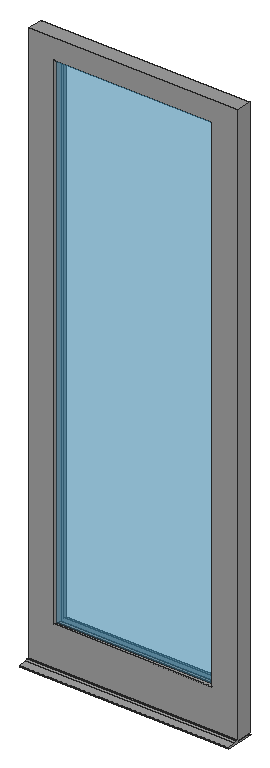
Revit family "AD-375 DOOR-1.56-SF_v04", category Curtain Panels, Revit 2015
Parameters
  Width [instance] = 3' - 2"
  URL = "obe.com"
  Rough Width [instance] = 3' - 0"
  Offset [instance] = 0' - 0"
  Model = "AD-375 DOOR"
  Min-Max Rough Width [instance] = if(and((Rough Width > 2' 11 255/256"), (Rough Width < 3' 6 1/256")), Rough Width, 3' 0")  # 3' - 0"
  Manufacturer = "Oldcastle BuildingEnvelope®"
  Keynote = "08 11 00"
  Hinge [instance] = yes
  Height [instance] = 8' - 0"
  Glass Material = Glass
  Frame Material = Aluminum
  Door Panel Height [instance] = Height + 0' 0 23/32"  # 8' - 0 23/32"
  Description = "AD-375 - 1-9/16\" Door Infill"
  Assembly Code = "B2030"
  Analytic Construction = "<None>"
  6 Bottom Rail [instance] = yes
  10 Bottom Rail [instance] = not([6 Bottom Rail])  # no
Reference planes (in)
  plane 1 "Front": y = 0
  plane 2: z = 0
  plane 3 "Center (Left/Right)": x = 0
  plane 4 "Left": x = -19
  plane 5 "Right": x = 19
  plane 6 "Top": z = 96
  plane 7: x = -18
  plane 8: x = 18
Text (in)
  text "Exterior" at (-54.29358, 31.38743, 0), in view "Ref. Level"
  text "Exterior" at (480, 41.53993, 89.60405), in view "Right"
  text "Exterior" at (-240, 57.82419, 105.78864), in view "Left"
Dimensions and locks (in)
  equal spacing: plane 4 "Left", plane 3 "Center (Left/Right)", plane 5 "Right"
  "Width": plane 4 "Left" to plane 5 "Right"
  "Height": plane 6 "Top" to plane 2
  equal spacing: plane 7, plane 3 "Center (Left/Right)", plane 8
  "Min-Max Rough Width": plane 7 to plane 8
  aligned and locked: level to plane 2
  aligned and locked: plane 3 "Center (Left/Right)" to nested 1
  aligned and locked: plane 1 "Front" to nested 1
Nested families (in)
  nested 1: "AD-375 DOOR-1.56-Panel_v03" at (0, -16, 0), Frame Material <- "Frame Material", Glass Material <- "Glass Material", Hinge <- "Hinge", Height <- "Door Panel Height", Width <- "Min-Max Rough Width", 6 Bottom Rail <- "6 Bottom Rail", Offset <- "Offset", type "AD-375 DOOR-1.56-Panel"
    with built-in parameter 1001301 3' - 0", Offset 0' - 0", Hinge yes, built-in parameter 1001300 8' - 0 23/32", Glass Material Glass, Frame Material Aluminum, Bottom Rail 0' - 6 19/32", 6 Bottom Rail yes, 10 Bottom Rail no
Definition of nested family "AD-375 DOOR-1.56-Panel_v03"
  Parameters (values of type "AD-375 DOOR-1.56-Panel")
    Width [instance] = 3' - 6"
    Offset [instance] = 0' - 1"
    Hinge [instance] = yes
    Height [instance] = 8' - 0"
    Glass Material [instance] = none
    Frame Material [instance] = none
    Bottom Rail [instance] = if([10 Bottom Rail], 0' 10 19/32", 0' 6 19/32")  # 0' - 6 19/32"
    6 Bottom Rail [instance] = yes
    10 Bottom Rail [instance] = not([6 Bottom Rail])  # no
  Reference planes (in)
    plane 1 "00": y = 13.5563
    plane 2: z = 0
    plane 3 "Center (Left/Right)": x = 0
    plane 4: z = 96
    plane 5: x = -21
    plane 6: x = 21
    plane 7 "Center (Front/Back)": y = 16
    plane 8 "Exterior": y = 14.33782
    plane 9: z = 48
    plane 10: z = 92.46875
    plane 11: z = 6.59375
    plane 12: x = -16.84147
    plane 13: x = 16.84147
    plane 14: y = 15
  Forms (in)
    Sweep 1, solid, material <- "Frame Material"
      path origin (0, 13.5563, 0) x (1, 0, 0) y (0, 0, 1)
        loop
          line (-20.69697, 96) -> (20.69697, 96)
      profile origin (0, 13.5563, 96) x (0, 0, 1) y (0, -1, 0)
        loop
          line (-0.71875, -1.31872) -> (-0.71875, 1.3187) -> (-3.96875, 1.3187) -> (-3.96875, 0.78148) -> (-3.53125, 0.78148) -> (-3.53125, -0.78152) -> (-3.96875, -0.78152) -> (-3.96875, -1.31872) -> (-0.71875, -1.31872)
    Sweep 2, solid, material <- "Frame Material"
      path origin (0, 13.5563, 0) x (1, 0, 0) y (0, 0, 1)
        loop
          line (20.69697, 0) -> (-20.69697, 0)
      profile origin (0, 13.5563, 0) x (0, 0, -1) y (0, -1, 0)
        loop
          line (-7.125, -0.7815) -> (-7.125, -1.31872) -> (-0.375, -1.31872) -> (-0.375, 1.3187) -> (-0.256, 1.3187) -> (-0.256, -0.69426) -> (-0.1048, -1.44415) -> (0, -1.44415) -> (0, 3.05585) -> (-0.09458, 3.05585) -> (-0.256, 1.86985) -> (-0.506, 1.73385) -> (-0.506, 1.3187) -> (-7.125, 1.3187) -> (-7.125, 0.7815) -> (-6.59375, 0.7815) -> (-6.59375, -0.7815) -> (-7.125, -0.7815)
    Sweep 3, solid, material <- "Frame Material"
      path origin (0, 13.5563, 0) x (1, 0, 0) y (0, 0, 1)
        loop
          line (21, 95.28125) -> (21, 0.375)
      profile origin (21, 13.5563, 47.82812) x (0, -1, 0) y (1, 0, 0)
        loop
          line (1.3187, -4.59603) -> (1.3187, -0.30303) -> (-1.35373, -0.30303) -> (-1.35373, -0.41303) -> (-1.31872, -0.41303) -> (-1.31872, -4.59603) -> (-0.78152, -4.59603) -> (-0.78152, -4.15853) -> (0.78148, -4.15853) -> (0.78148, -4.59603) -> (1.3187, -4.59603)
    Sweep 4, solid, material <- "Frame Material"
      path origin (0, 13.5563, 0) x (1, 0, 0) y (0, 0, 1)
        loop
          line (-21, 95.28125) -> (-21, 0.375)
      profile origin (-21, 13.5563, 47.82812) x (0, -1, 0) y (1, 0, 0)
        loop
          line (-1.31872, 0.41303) -> (-1.35373, 0.41303) -> (-1.35373, 0.30303) -> (1.3187, 0.30303) -> (1.3187, 4.59603) -> (0.78148, 4.59603) -> (0.78148, 4.15853) -> (-0.78152, 4.15853) -> (-0.78152, 4.59603) -> (-1.31872, 4.59603) -> (-1.31872, 0.41303)
    Extrusion 5, solid, material <- "Glass Material", detail levels coarse
      sketch origin (0, 0, 0) x (1, 0, 0) y (0, 1, 0)
        loop
          line (-16.84147, 14.33782) -> (-16.84147, 12.77482) -> (16.84147, 12.77482) -> (16.84147, 14.33782) -> (-16.84147, 14.33782)
      from 6.59375 to 92.46875
    Extrusion 6, solid, material <- "Glass Material", detail levels medium+fine
      sketch origin (0, 0, 0) x (1, 0, 0) y (0, 1, 0)
        loop
          line (-16.84147, 12.77482) -> (16.84147, 12.77482) -> (16.84147, 13.02282) -> (-16.84147, 13.02282) -> (-16.84147, 12.77482)
        loop
          line (16.84147, 14.3378) -> (-16.84147, 14.3378) -> (-16.84147, 14.0898) -> (16.84147, 14.0898) -> (16.84147, 14.3378)
        loop
          line (-16.84147, 13.43033) -> (16.84147, 13.43033) -> (16.84147, 13.67833) -> (-16.84147, 13.67833) -> (-16.84147, 13.43033)
      from 6.59375 to 92.46875
  Cuts and joins
    joined: Sweep 1, Sweep 2, Sweep 3, Sweep 4
  Lines and regions (in)
    model lines
      curve 1: line (16.84147, 14.33782, 92.46875) -> (-16.40397, 14.33782, 48)
      curve 2: line (-16.40397, 14.33782, 48) -> (16.84147, 14.33782, 6.59375)
  Dimensions and locks (in)
    equal spacing: plane 5, plane 3 "Center (Left/Right)", plane 6
    "Offset": plane 14 to plane 7 "Center (Front/Back)"
    plane 1 "00" to plane 8 "Exterior" to plane 14 = 0' - 0.78152" locked, 0' - 0.66218" locked
    equal spacing: level, plane 9, plane 4
    locked: Sweep 3 sketch curve to plane 4 at 0.71875
    locked: Sweep 4 sketch curve to plane 4 at 0.71875
    locked: plane 10 to plane 4 at 3.53125
    "Bottom Rail": plane 11 to plane 2
    "Height": plane 4 to plane 2
    Sweep 1 sketch curve to plane 10 = 0' - 0 7/16"  (x2)
    locked: plane 11 to Sweep 2 sketch curve at 0.53125  (x2)
    "Width": plane 5 to plane 6
    locked: plane 5 to plane 12 at 4.15853
    locked: plane 13 to plane 6 at 4.15853
    locked: plane 6 to Sweep 2 sketch curve at 0.30303
    locked: Sweep 2 sketch curve to plane 5 at 0.30303
    locked: Sweep 1 sketch curve to plane 5 at 0.30303
    locked: plane 6 to Sweep 1 sketch curve at 0.30303
    locked: plane 2 to Sweep 3 sketch curve at 0.375
    locked: plane 2 to Sweep 4 sketch curve at 0.375
    aligned and locked: plane 2 to level
    aligned and locked: Sweep 1 sketch curve to plane 4
    aligned and locked: Sweep 2 sketch curve to level
    aligned and locked: Extrusion 6 to plane 10
    aligned and locked: Extrusion 5 to plane 10
    aligned and locked: plane 9 to curve 1
    aligned and locked: plane 11 to Extrusion 6
    aligned and locked: Sweep 3 sketch curve to plane 6
    aligned and locked: Sweep 4 sketch curve to plane 5
    aligned and locked: Extrusion 5 to plane 12
    aligned and locked: Extrusion 6 to plane 12  (x2)
    aligned and locked: plane 13 to Extrusion 6  (x2)
    aligned and locked: plane 13 to Extrusion 5
    aligned and locked: plane 11 to curve 2
    aligned and locked: cut or joined group of Sweep 1, Sweep 2, Sweep 3, Sweep 4 to curve 1
    aligned and locked: plane 11 to Extrusion 5
    aligned and locked: Extrusion 5 sketch curve to plane 12
  Automatic sketch dimensions
    profile plane to Sweep 3 sketch curve = 0' - 0.41303"
    Sweep 3 sketch curve to plane 1 "00" = 0' - 1.35373"
    Sweep 3 sketch curve to Sweep 3 sketch curve = 0' - 0.03501"
    Sweep 3 sketch curve to Sweep 3 sketch curve = 0' - 0.5372"
    plane 1 "00" to Sweep 3 sketch curve = 0' - 0.78148"
    Sweep 3 sketch curve to Sweep 3 sketch curve = 0' - 0.53722"
    Sweep 3 sketch curve to Sweep 3 sketch curve = 0' - 3.7455"
    Sweep 3 sketch curve to Sweep 3 sketch curve = 0' - 0 7/16"  (x2)
    Sweep 3 sketch curve to Sweep 3 sketch curve = 0' - 0.11"
    Sweep 4 sketch curve to profile plane = 0' - 0.30303"
    Sweep 4 sketch curve to plane 1 "00" = 0' - 1.35373"
    Sweep 4 sketch curve to Sweep 4 sketch curve = 0' - 0.03501"
    Sweep 4 sketch curve to Sweep 4 sketch curve = 0' - 0.5372"
    plane 1 "00" to Sweep 4 sketch curve = 0' - 0.78148"
    Sweep 4 sketch curve to Sweep 4 sketch curve = 0' - 0.53722"
    Sweep 4 sketch curve to profile plane = 0' - 0.41303"
    Sweep 4 sketch curve to profile plane = 0' - 4.15853"
    Sweep 4 sketch curve to Sweep 4 sketch curve = 0' - 0 7/16"  (x2)
    Sweep 1 sketch curve to Sweep 1 sketch curve = 0' - 0 7/16"
    profile plane to Sweep 1 sketch curve = 0' - 0 23/32"
    Sweep 1 sketch curve to plane 1 "00" = 0' - 1.31872"
    Sweep 1 sketch curve to Sweep 1 sketch curve = 0' - 0.5372"
    plane 1 "00" to Sweep 1 sketch curve = 0' - 0.78148"
    Sweep 1 sketch curve to Sweep 1 sketch curve = 0' - 0.53722"
    Sweep 2 sketch curve to profile plane = 0' - 0"
    Sweep 2 sketch curve to Sweep 2 sketch curve = 0' - 0 17/32"
    profile plane to Sweep 2 sketch curve = 0' - 0.256"  (x2)
    profile plane to Sweep 2 sketch curve = 0' - 0.1048"
    profile plane to Sweep 2 sketch curve = 0' - 0.09458"
    Sweep 2 sketch curve to plane 1 "00" = 0' - 1.31872"
    Sweep 2 sketch curve to Sweep 2 sketch curve = 0' - 0.53722"
    plane 1 "00" to Sweep 2 sketch curve = 0' - 0.7815"
    Sweep 2 sketch curve to Sweep 2 sketch curve = 0' - 0.5372"
    Sweep 2 sketch curve to Sweep 2 sketch curve = 0' - 0.41515"
    Sweep 2 sketch curve to Sweep 2 sketch curve = 0' - 0.136"
    Sweep 2 sketch curve to Sweep 2 sketch curve = 0' - 1.186"
    plane 8 "Exterior" to Extrusion 5 sketch curve = 0' - 0"
    Extrusion 5 sketch curve to plane 13 = 0' - 0"
    plane 1 "00" to Extrusion 5 sketch curve = 0' - 0.78148"
    Extrusion 6 sketch curve to plane 12 = 0' - 0"  (x3)
    Extrusion 6 sketch curve to plane 13 = 0' - 0"  (x3)
    plane 1 "00" to Extrusion 6 sketch curve = 0' - 0.78148"
    Extrusion 6 sketch curve to Extrusion 6 sketch curve = 0' - 0.248"
    plane 1 "00" to Extrusion 6 sketch curve = 0' - 0.12597"
    Extrusion 6 sketch curve to plane 1 "00" = 0' - 0.12203"
    plane 8 "Exterior" to Extrusion 6 sketch curve = 0' - 0.24802"
    plane 8 "Exterior" to Extrusion 6 sketch curve = 0' - 0"
    curve 2 to plane 13 = 0' - 0"
    curve 1 to plane 10 = 0' - 0"
    plane 12 to curve 2 = 0' - 0 7/16"
    Sweep 2 sketch curve to Sweep 2 sketch curve = 0' - 0.62446"
    Sweep 2 sketch curve to Sweep 2 sketch curve = 0' - 0.119"
    Sweep 2 sketch curve to Sweep 2 sketch curve = 0' - 0.74989"
    Sweep 2 sketch curve to Sweep 2 sketch curve = 0' - 0.131"
    Sweep 2 sketch curve to Sweep 2 sketch curve = 0' - 0"
